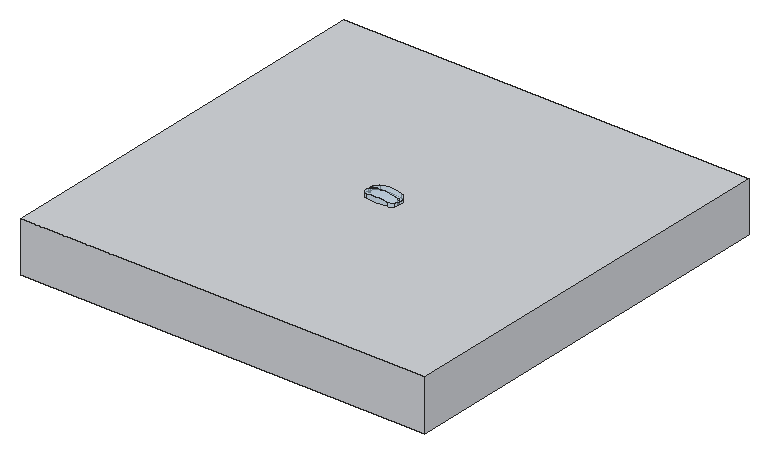
Revit family "GALAD Блистер LED", category Осветительные приборы, Revit 2018 (continued)
Types (3, lengths in mm): name | Файл фотометрической сетки | built-in parameter 1150142 | Материал рассеивателя | Материал корпуса | URL | IP | ADSK_Наименование краткое | ADSK_Наименование | ADSK_Марка | ADSK_Код изделия
  GALAD Блистер LED-9 ECO IP30 | "svetilnik GALAD blister LED-9 ECO IP30.ies" | "IESNA:LM-63-1995\r\n[TEST] Протокол №297R/20, ПАС\r\r\n[DATA]11.09.2020\r\r\n[MANUFAC] GALAD\r\r\n[LUMCAT]  \r\n[LUMINAIRE]Блистер LED-9 ECO IP30\r\r\n[LAMPCAT] \r\r\n[LAMP] LED 9 Вт\r\r\nTILT=NONE\r\n1     710 0.710 73 145 1 2 0.200 0.118 0.040\r\n1.0 1.0 9\r\n0.0 2.5 5.0 7.5 10.0 12.5 15.0 17.5 20.0 22.5 25.0 27.5 30.0 32.5 35.0 37.5 40.0 42.5 45.0 47.5 50.0 52.5 55.0 57.5 60.0 62.5 65.0 67.5 70.0 72.5 75.0 77.5 80.0 82.5 85.0 87.5 90.0 92.5 95.0 97.5 100.0 102.5 105.0 107.5 110.0 112.5 115.0 117.5 120.0 122.5 125.0 127.5 130.0 132.5 135.0 137.5 140.0 142.5 145.0 147.5 150.0 152.5 155.0 157.5 160.0 162.5 165.0 167.5 170.0 172.5 175.0 177.5 180.0\r\n0.0 2.5 5.0 7.5 10.0 12.5 15.0 17.5 20.0 22.5 25.0 27.5 30.0 32.5 35.0 37.5 40.0 42.5 45.0 47.5 50.0 52.5 55.0 57.5 60.0 62.5 65.0 67.5 70.0 72.5 75.0 77.5 80.0 82.5 85.0 87.5 90.0 92.5 95.0 97.5 100.0 102.5 105.0 107.5 110.0 112.5 115.0 117.5 120.0 122.5 125.0 127.5 130.0 132.5 135.0 137.5 140.0 142.5 145.0 147.5 150.0 152.5 155.0 157.5 160.0 162.5 165.0 167.5 170.0 172.5 175.0 177.5 180.0 182.5 185.0 187.5 190.0 192.5 195.0 197.5 200.0 202.5 205.0 207.5 210.0 212.5 215.0 217.5 220.0 222.5 225.0 227.5 230.0 232.5 235.0 237.5 240.0 242.5 245.0 247.5 250.0 252.5 255.0 257.5 260.0 262.5 265.0 267.5 270.0 272.5 275.0 277.5 280.0 282.5 285.0 287.5 290.0 292.5 295.0 297.5 300.0 302.5 305.0 307.5 310.0 312.5 315.0 317.5 320.0 322.5 325.0 327.5 330.0 332.5 335.0 337.5 340.0 342.5 345.0 347.5 350.0 352.5 355.0 357.5 360.0\r\n287.28 288.69 289.12 288.27 286.72 284.61 282.07 279.11 275.59 271.36 266.57 261.50 255.87 249.38 242.62 235.29 227.55 219.23 210.07 200.92 191.62 182.18 171.89 161.18 150.62 140.05 129.34 118.49 108.07 97.92 88.06 78.90 70.31 62.56 55.23 48.61 42.83 37.48 32.69 28.74 25.36 22.68 20.29 17.19 13.53 10.85 9.72 9.16 10.00 10.85 10.85 10.71 10.71 10.29 9.72 9.16 8.74 8.31 7.89 7.33 7.04 6.62 6.20 5.64 4.93 4.23 3.66 3.38 3.38 3.24 2.40 0.85 0.14 \r\n287.28 288.69 289.26 288.41 286.86 285.03 282.49 279.39 276.01 271.79 267.14 261.78 256.01 249.67 242.62 235.44 227.69 219.37 210.78 201.76 192.46 182.60 172.31 162.03 151.32 140.47 129.76 119.06 108.49 98.34 88.76 79.32 70.73 62.84 55.51 49.03 42.97 37.76 32.97 28.88 25.50 22.82 20.29 17.33 13.67 10.85 9.44 8.88 9.72 10.57 10.57 10.57 10.43 10.14 9.58 9.16 8.74 8.31 7.89 7.33 7.04 6.62 6.06 5.64 4.93 4.23 3.66 3.38 3.38 3.24 2.25 0.85 0.14 \r\n287.28 288.69 289.26 288.55 287.00 285.17 282.78 279.68 276.01 271.79 267.28 261.92 256.01 249.53 242.62 235.29 227.69 219.66 210.92 201.76 192.46 182.74 172.46 162.17 151.74 140.90 130.19 119.34 108.63 98.49 88.62 79.61 71.01 62.84 55.65 49.17 43.25 37.76 32.97 28.88 25.50 22.82 20.43 17.47 13.81 10.85 9.30 8.74 9.58 10.43 10.43 10.43 10.43 10.00 9.44 9.02 8.59 8.17 7.75 7.33 7.04 6.62 6.06 5.49 4.93 4.23 3.66 3.38 3.24 3.24 2.25 0.85 0.14 \r\n287.28 288.69 289.26 288.55 287.14 285.31 282.78 279.39 275.73 271.65 266.86 261.64 256.15 249.95 243.04 236.00 228.25 220.08 211.62 202.47 192.74 182.88 172.88 162.59 151.74 141.04 130.33 119.62 109.05 98.63 88.76 79.46 70.87 62.98 55.65 49.17 43.11 37.76 32.97 28.88 25.50 22.82 20.29 16.91 13.39 10.85 9.44 8.88 9.72 10.43 10.43 10.43 10.43 10.00 9.44 9.02 8.59 8.17 7.75 7.33 6.90 6.62 6.06 5.64 4.93 4.23 3.66 3.38 3.24 3.24 2.11 0.70 0.14 \r\n287.28 288.83 289.26 288.55 287.00 285.17 282.64 279.11 275.45 271.79 267.14 261.78 256.29 249.95 243.33 235.86 228.11 220.08 211.48 202.47 193.03 183.45 173.30 162.73 152.03 141.32 130.33 119.76 109.05 98.91 89.05 79.75 71.15 62.98 55.65 49.03 43.11 37.76 32.97 28.88 25.50 22.68 20.29 17.19 13.81 10.85 9.16 8.88 9.72 10.14 10.14 10.29 10.14 9.86 9.30 8.88 8.45 8.03 7.61 7.19 6.90 6.48 6.06 5.49 4.93 4.23 3.66 3.38 3.24 3.24 2.11 0.70 0.14 \r\n287.28 288.83 289.40 288.55 286.86 284.89 282.21 279.11 275.59 271.79 267.28 262.06 256.29 250.09 243.47 236.42 228.53 220.36 211.91 202.61 193.03 183.45 173.72 162.87 152.31 141.46 130.75 119.90 109.19 98.91 89.05 79.61 70.87 62.84 55.51 48.75 42.69 37.34 32.69 28.60 25.22 22.54 20.01 17.33 14.09 11.13 9.44 8.74 9.44 10.00 10.00 10.14 10.14 9.86 9.30 8.88 8.45 8.03 7.61 7.19 6.76 6.48 6.06 5.49 4.93 4.09 3.52 3.38 3.24 3.10 1.97 0.70 0.14 \r\n287.28 288.83 289.40 288.41 286.72 284.61 281.93 279.11 275.87 271.93 267.28 261.92 256.29 250.09 243.18 236.28 228.39 220.08 211.77 202.33 192.89 183.45 173.16 162.73 152.31 141.46 130.47 119.76 109.19 98.77 88.76 79.46 70.73 62.70 55.37 48.61 42.69 37.20 32.41 28.46 25.08 22.40 19.87 17.05 14.09 11.69 10.14 9.58 9.72 9.58 9.58 9.72 9.72 9.44 9.02 8.74 8.31 8.03 7.61 7.19 6.76 6.34 5.92 5.49 4.79 4.09 3.52 3.38 3.24 3.10 1.83 0.56 0.14 \r\n287.28 288.83 289.40 288.27 286.58 284.47 281.93 279.11 275.87 271.65 267.00 261.92 256.29 250.09 243.47 236.28 228.39 220.08 211.62 202.61 193.31 183.16 173.16 162.87 152.17 141.32 130.33 119.48 108.91 98.63 88.76 79.32 70.59 62.28 54.95 48.19 42.13 36.77 32.12 28.18 24.80 22.12 19.73 17.19 14.37 11.84 10.29 9.72 9.58 9.30 9.16 9.16 9.16 8.88 8.59 8.45 8.17 7.89 7.47 7.04 6.76 6.34 5.92 5.35 4.65 3.95 3.52 3.38 3.24 2.96 1.83 0.56 0.14 \r\n287.28 288.98 289.26 288.13 286.44 284.47 282.07 279.25 275.73 271.50 266.86 262.06 256.43 250.09 243.33 236.14 228.39 220.36 211.62 202.47 193.31 183.45 173.30 162.73 152.03 141.18 130.47 119.62 108.91 98.34 88.34 79.04 70.31 62.13 54.67 48.05 41.99 36.63 31.84 27.90 24.52 21.84 19.44 16.63 13.95 11.84 10.57 10.14 9.86 9.44 9.16 9.02 8.74 8.31 8.03 7.89 7.75 7.61 7.33 7.04 6.62 6.34 5.78 5.21 4.65 3.95 3.52 3.38 3.24 2.96 1.69 0.42 0.14 \r\n287.28 288.98 289.12 287.99 286.30 284.47 282.21 279.39 275.87 271.65 267.00 261.92 256.29 249.95 243.18 236.00 227.97 220.08 211.77 202.47 193.03 183.45 173.30 162.73 152.17 141.32 130.33 119.48 108.77 98.34 88.48 78.90 70.02 61.85 54.39 47.48 41.42 36.07 31.28 27.33 24.09 21.42 19.02 16.48 14.09 12.12 11.13 10.71 10.00 9.44 9.02 8.88 8.31 7.89 7.47 7.33 7.19 7.04 7.04 6.76 6.62 6.20 5.78 5.21 4.51 3.80 3.52 3.38 3.24 2.82 1.55 0.42 0.14 \r\n287.28 288.83 289.12 287.85 286.16 284.33 282.21 279.39 275.87 271.65 267.14 261.78 256.29 250.09 243.18 236.00 228.25 219.80 211.34 202.61 192.89 182.88 173.02 162.59 151.88 141.18 130.19 119.20 108.49 98.06 88.06 78.62 69.74 61.43 53.82 47.06 41.00 35.65 31.14 27.19 23.81 21.13 18.88 16.48 14.23 12.26 11.27 10.71 10.00 9.44 9.02 8.74 8.17 7.61 7.19 6.90 6.62 6.62 6.62 6.48 6.34 6.06 5.64 5.07 4.37 3.80 3.38 3.38 3.24 2.68 1.41 0.42 0.14 \r\n287.28 288.83 288.98 287.85 286.16 284.33 282.07 279.25 275.73 271.50 267.00 261.64 256.15 249.67 243.18 236.00 228.25 220.08 211.20 202.18 192.89 183.02 172.88 162.45 151.60 140.90 130.05 119.06 108.21 97.92 87.92 78.20 69.18 61.01 53.40 46.50 40.44 35.08 30.43 26.49 23.25 20.57 18.46 16.20 14.23 12.82 11.98 11.13 10.29 9.58 9.02 8.45 7.89 7.33 6.76 6.48 6.20 6.06 6.06 6.06 6.06 5.92 5.49 4.93 4.37 3.66 3.38 3.24 3.24 2.54 1.27 0.28 0.14 \r\n287.28 288.83 288.83 287.71 286.16 284.33 282.07 279.11 275.59 271.50 266.86 261.78 256.29 249.81 243.18 236.00 228.11 219.94 211.34 202.18 192.60 183.02 172.88 162.59 152.03 141.04 129.91 119.20 108.21 97.64 87.50 77.91 69.04 60.58 52.98 46.21 40.01 34.66 30.01 26.07 22.82 20.29 18.18 16.34 14.51 12.96 11.98 11.13 10.14 9.44 8.88 8.31 7.61 7.04 6.62 6.20 5.92 5.64 5.64 5.64 5.64 5.64 5.35 4.79 4.23 3.66 3.38 3.24 3.24 2.40 1.13 0.28 0.14 \r\n287.28 288.69 288.69 287.71 286.16 284.33 281.93 279.11 275.59 271.50 266.86 261.78 256.01 249.81 243.04 235.86 227.97 219.80 211.34 202.18 192.60 182.88 172.74 162.31 151.74 140.61 129.48 118.63 107.93 97.22 86.93 77.35 68.33 60.02 52.27 45.37 39.17 33.81 29.31 25.50 22.26 19.73 17.61 15.92 14.37 13.10 12.12 11.27 10.43 9.72 9.02 8.31 7.47 6.76 6.20 5.92 5.49 5.35 5.21 5.21 5.21 5.21 5.07 4.65 4.09 3.52 3.38 3.24 3.24 2.25 0.99 0.28 0.14 \r\n287.28 288.69 288.69 287.71 286.16 284.33 281.93 278.97 275.45 271.50 267.00 261.50 255.87 249.95 243.04 235.72 227.97 219.66 211.06 202.04 192.60 182.74 172.46 161.75 151.32 140.47 129.34 118.35 107.50 96.94 86.79 76.93 67.77 59.32 51.71 44.80 38.75 33.39 28.88 24.94 21.84 19.30 17.33 15.78 14.37 13.24 12.26 11.27 10.29 9.44 8.74 7.89 7.19 6.48 6.06 5.64 5.21 4.93 4.79 4.65 4.79 4.79 4.65 4.37 3.95 3.52 3.38 3.24 3.10 2.11 0.85 0.28 0.14 \r\n287.28 288.69 288.55 287.71 286.30 284.47 282.07 278.97 275.45 271.36 266.86 261.22 255.72 249.67 242.62 235.44 227.69 219.51 210.92 201.76 192.18 182.32 172.31 161.75 151.04 140.19 129.20 118.07 106.94 96.37 86.09 76.37 67.35 58.75 51.14 44.10 37.90 32.55 28.04 24.23 21.13 18.74 16.77 15.22 14.09 13.10 12.12 11.13 10.14 9.44 8.74 7.89 7.04 6.34 5.78 5.35 4.93 4.65 4.37 4.37 4.37 4.37 4.37 4.09 3.80 3.52 3.38 3.24 3.10 1.97 0.70 0.14 0.14 \r\n287.28 288.55 288.55 287.71 286.30 284.61 282.07 278.97 275.45 271.22 266.71 261.22 255.58 249.38 242.20 235.15 227.40 218.95 210.50 201.48 192.04 182.04 171.89 161.32 150.48 139.77 128.50 117.65 106.66 95.95 85.66 75.94 66.78 58.19 50.44 43.40 37.20 31.98 27.47 23.67 20.71 18.18 16.34 14.79 13.81 12.96 12.12 10.99 10.14 9.30 8.45 7.61 6.76 6.06 5.49 5.07 4.65 4.37 4.09 3.95 3.95 3.95 3.80 3.80 3.52 3.38 3.38 3.24 3.10 1.83 0.70 0.14 0.14 \r\n287.28 288.41 288.41 287.71 286.30 284.47 281.93 278.97 275.31 271.22 266.57 261.22 255.44 249.10 242.34 234.87 226.98 218.67 210.07 200.92 191.62 181.75 171.33 161.04 150.05 139.20 128.07 116.94 106.23 95.39 84.96 75.24 65.94 57.34 49.45 42.41 36.35 31.14 26.63 22.82 19.87 17.47 15.64 14.23 13.39 12.68 11.84 10.71 9.72 8.88 8.31 7.47 6.76 6.06 5.35 4.79 4.37 3.95 3.80 3.52 3.52 3.38 3.38 3.38 3.38 3.38 3.38 3.24 2.96 1.69 0.56 0.14 0.14 \r\n287.28 288.41 288.41 287.57 286.30 284.19 281.65 278.83 275.31 271.22 266.29 261.08 255.30 249.10 242.34 234.87 227.12 218.81 210.07 200.92 191.34 181.47 171.19 160.76 150.05 139.06 128.07 116.94 105.95 94.82 84.40 74.53 65.23 56.64 48.75 41.70 35.65 30.43 25.92 22.26 19.16 16.91 14.93 13.67 12.82 12.26 11.41 10.57 9.58 8.74 8.03 7.33 6.48 5.78 5.21 4.65 4.09 3.66 3.38 3.24 3.10 2.96 2.96 3.10 3.24 3.24 3.38 3.24 2.96 1.55 0.42 0.14 0.14 \r\n287.28 288.27 288.41 287.57 286.30 284.19 281.51 278.55 275.17 271.08 266.29 260.94 255.16 248.96 242.20 234.59 227.26 218.95 210.07 201.06 191.48 181.33 171.19 160.62 149.63 138.64 127.51 116.52 105.39 94.68 84.11 74.11 64.81 55.94 48.05 41.00 34.80 29.45 25.08 21.42 18.46 16.06 14.37 13.10 12.40 11.69 10.99 10.00 9.16 8.45 7.75 7.19 6.34 5.64 4.93 4.37 3.95 3.52 3.24 2.96 2.68 2.54 2.54 2.68 2.96 3.24 3.24 3.24 2.82 1.41 0.42 0.14 0.14 \r\n287.28 288.27 288.41 287.57 286.30 284.19 281.37 278.55 275.17 271.08 266.29 260.94 255.02 248.68 242.06 234.59 226.70 218.39 209.79 200.63 191.19 181.33 170.91 160.20 149.35 138.50 127.37 116.10 105.11 94.12 83.55 73.55 64.11 55.37 47.48 40.44 34.10 28.88 24.37 20.85 17.89 15.50 13.67 12.40 11.84 11.27 10.57 9.72 8.88 8.31 7.61 6.90 6.20 5.35 4.65 4.09 3.66 3.24 2.82 2.54 2.25 2.11 2.25 2.40 2.82 3.10 3.24 3.24 2.68 1.27 0.28 0.00 0.14 \r\n287.28 288.13 288.27 287.57 286.30 284.33 281.51 278.69 275.17 270.80 266.15 260.94 255.02 248.26 241.63 234.17 226.42 217.96 209.23 200.07 190.63 180.63 170.20 159.77 149.07 137.80 126.81 115.53 104.26 93.41 82.99 72.70 63.26 54.53 46.35 39.31 33.25 27.90 23.53 19.87 17.05 14.65 12.96 11.84 11.13 10.57 9.86 9.16 8.45 8.03 7.47 6.76 6.06 5.07 4.37 3.80 3.38 2.96 2.54 2.25 1.97 1.83 1.83 2.11 2.68 2.96 3.24 3.24 2.68 1.13 0.28 0.00 0.14 \r\n287.28 287.99 288.27 287.43 286.16 284.33 281.65 278.69 275.03 270.52 266.01 260.51 254.74 248.12 241.35 233.74 226.00 217.68 208.95 199.51 190.07 179.92 169.64 159.21 148.50 137.37 126.10 114.97 103.70 92.57 82.00 71.86 62.28 53.54 45.65 38.61 32.41 27.05 22.68 19.02 16.20 13.81 12.26 11.13 10.57 9.86 9.30 8.59 8.03 7.75 7.19 6.48 5.64 4.93 4.09 3.52 3.10 2.68 2.25 1.97 1.55 1.41 1.55 1.97 2.40 2.82 3.10 3.24 2.54 0.99 0.28 0.00 0.14 \r\n287.28 287.99 288.13 287.43 286.16 284.19 281.79 278.41 274.89 270.24 265.73 260.09 254.46 248.26 241.21 233.74 225.71 217.40 208.67 199.37 189.93 179.92 169.50 158.79 148.08 136.95 125.82 114.55 103.28 92.15 81.58 71.29 61.71 52.98 44.80 37.62 31.42 26.07 21.84 18.18 15.36 13.10 11.55 10.57 9.86 9.30 8.59 8.03 7.61 7.19 6.76 6.06 5.35 4.65 3.80 3.24 2.82 2.40 1.97 1.55 1.27 1.13 1.27 1.69 2.25 2.68 2.96 3.24 2.40 0.85 0.14 0.00 0.14 \r\n287.28 287.85 287.99 287.43 286.02 284.04 281.65 278.41 274.89 270.24 265.73 260.09 254.46 247.98 240.93 233.32 225.57 217.40 208.24 199.23 189.64 179.36 169.21 158.65 147.80 136.67 125.40 113.98 102.71 91.58 80.87 70.45 60.87 52.13 43.96 36.91 30.72 25.36 20.99 17.47 14.51 12.26 10.71 10.00 9.44 8.74 8.17 7.61 7.04 6.76 6.34 5.64 4.93 4.23 3.52 2.96 2.54 2.11 1.69 1.27 0.99 0.85 1.13 1.55 1.97 2.40 2.82 3.10 2.25 0.70 0.14 0.00 0.14 \r\n287.28 287.85 287.85 287.43 286.02 283.90 281.51 278.41 274.60 270.10 265.73 260.37 254.17 247.41 240.51 233.04 225.01 216.70 207.96 198.94 189.08 179.08 168.65 158.08 147.09 135.82 124.69 113.42 102.15 90.74 80.03 69.88 60.16 51.29 42.97 35.79 29.59 24.37 20.01 16.48 13.53 11.41 10.00 9.30 8.88 8.45 7.61 7.04 6.62 6.20 5.78 5.21 4.51 3.80 3.24 2.68 2.11 1.69 1.27 0.99 0.70 0.70 0.85 1.27 1.83 2.11 2.68 3.10 2.11 0.70 0.14 0.00 0.14 \r\n287.28 287.71 287.85 287.43 286.02 283.76 281.51 278.27 274.04 269.95 265.31 260.09 253.75 247.13 240.23 232.62 224.59 216.27 207.68 198.38 188.52 178.80 168.37 157.66 146.53 135.54 124.13 112.72 101.30 90.03 79.32 68.90 59.32 50.44 42.41 35.08 28.88 23.53 19.16 15.50 12.54 10.57 9.44 9.02 8.45 7.89 7.19 6.48 5.92 5.49 5.21 4.65 4.09 3.38 2.82 2.25 1.83 1.41 0.99 0.70 0.56 0.56 0.70 1.13 1.55 1.83 2.40 2.96 1.97 0.56 0.14 0.00 0.14 \r\n287.28 287.71 287.85 287.28 286.02 283.76 281.37 278.13 274.04 270.10 264.88 259.53 253.47 247.13 240.09 232.48 224.59 215.99 207.26 197.82 188.09 178.23 167.67 157.10 146.11 134.98 123.42 112.15 100.74 89.33 78.48 68.19 58.47 49.45 41.28 34.24 27.90 22.68 18.32 14.51 11.55 9.72 8.74 8.31 7.89 7.47 6.62 5.92 5.35 4.93 4.65 4.09 3.52 2.96 2.40 1.83 1.41 0.99 0.70 0.56 0.42 0.42 0.56 0.99 1.41 1.69 2.11 2.68 1.83 0.42 0.00 0.00 0.14 \r\n287.28 287.57 287.71 287.28 285.88 283.76 281.09 277.99 274.18 269.95 264.74 259.25 253.05 246.57 239.94 232.20 224.30 215.85 207.12 197.39 187.81 177.81 167.24 156.68 145.54 134.41 123.00 111.45 100.04 88.76 77.77 67.35 57.77 48.75 40.58 33.39 27.05 21.84 17.47 13.53 10.57 9.02 8.31 7.75 7.19 6.62 5.92 5.21 4.79 4.37 3.95 3.52 3.10 2.54 2.11 1.55 1.13 0.85 0.56 0.42 0.42 0.42 0.56 0.85 1.13 1.41 1.83 2.40 1.69 0.42 0.00 0.00 0.14 \r\n287.28 287.57 287.71 287.28 285.74 283.62 280.94 277.85 273.90 269.67 264.74 259.11 252.77 246.57 239.38 231.77 224.02 215.57 206.69 196.97 187.11 177.25 166.68 155.83 144.98 133.71 122.30 110.74 99.47 88.20 77.07 66.78 56.92 47.90 39.73 32.41 26.07 20.85 16.48 12.40 9.58 8.17 7.61 7.04 6.48 6.06 5.49 4.65 4.09 3.80 3.38 3.10 2.68 2.11 1.55 1.13 0.85 0.56 0.42 0.28 0.28 0.28 0.42 0.70 0.99 1.27 1.55 2.11 1.41 0.28 0.00 0.00 0.14 \r\n287.28 287.57 287.71 287.28 285.59 283.48 280.80 277.70 273.76 269.67 264.46 258.97 252.62 246.43 239.10 231.63 223.74 214.86 205.99 196.55 186.55 176.82 166.40 155.55 144.70 133.15 121.73 110.18 98.63 87.21 76.37 65.80 56.08 47.06 39.17 31.70 25.50 20.15 15.36 11.55 8.88 7.47 6.90 6.20 5.64 5.21 4.79 4.09 3.52 3.10 2.82 2.54 2.11 1.69 1.27 0.85 0.56 0.42 0.28 0.28 0.28 0.28 0.28 0.56 0.85 1.13 1.27 1.97 1.27 0.28 0.00 0.00 0.14 \r\n287.28 287.43 287.71 287.28 285.45 283.48 280.80 277.56 273.76 269.25 264.18 258.68 252.62 246.00 238.82 231.35 223.46 214.44 205.42 196.27 186.26 175.98 165.55 154.84 143.99 132.86 121.31 109.62 97.78 86.65 75.52 64.95 55.23 46.50 38.46 31.00 24.66 19.44 14.09 10.29 8.03 6.90 6.06 5.49 4.93 4.51 4.09 3.52 2.96 2.68 2.25 1.97 1.69 1.27 0.99 0.70 0.42 0.28 0.28 0.14 0.14 0.14 0.28 0.42 0.70 0.99 0.99 1.69 1.13 0.14 0.00 0.00 0.14 \r\n287.28 287.43 287.71 287.28 285.31 283.48 280.80 277.42 273.62 268.83 263.90 258.26 252.62 245.58 238.54 231.07 222.90 214.16 205.14 195.70 186.26 175.84 165.27 154.42 143.43 131.88 120.75 109.19 97.50 85.95 74.82 64.
